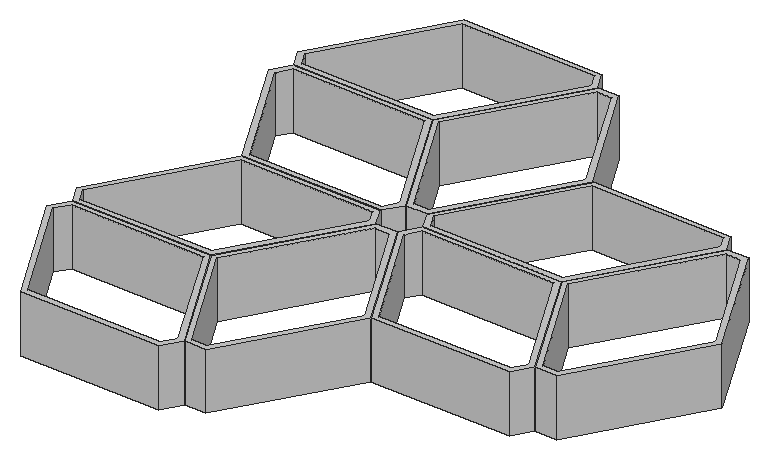
Revit family "CLD-CON-008_RTV", category Modelos genéricos, Revit 2022 (continued)
Forms (in)
  Extrusion 209, solid, not visible
    sketch origin (0, 48, 0) x (0, 1, 0) y (0, 0, 1)
      loop
        line (0.42221, 1.66259) -> (0.42231, 0.67354)
        arc (0.42231, 0.67354) -> (0.41009, 0.64403) -> (0.38057, 0.6318) r 0.04174
        line (0.38057, 0.6318) -> (-0.00639, 0.6318) -> (-0.00639, 0.59057) -> (0.8874, 0.59057) -> (0.8874, 0.6318) -> (0.49998, 0.6318)
        arc (0.49998, 0.6318) -> (0.47046, 0.64403) -> (0.45824, 0.67354) r 0.04174
        line (0.45824, 0.67354) -> (0.45834, 1.66259)
        arc (0.45834, 1.66259) -> (0.46543, 1.67969) -> (0.48252, 1.68677) r 0.02418
        line (0.48252, 1.68677) -> (0.52252, 1.68677)
        arc (0.52252, 1.68677) -> (0.55303, 1.69941) -> (0.56566, 1.72991) r 0.04314
        line (0.56566, 1.72991) -> (0.56566, 2.14095)
        arc (0.56566, 2.14095) -> (0.5626, 2.15637) -> (0.55386, 2.16944) r 0.04029
        line (0.55386, 2.16944) -> (0.47053, 2.25277)
        arc (0.47053, 2.25277) -> (0.44027, 2.2653) -> (0.41002, 2.25277) r 0.04279
        line (0.41002, 2.25277) -> (0.32669, 2.16944)
        arc (0.32669, 2.16944) -> (0.31795, 2.15637) -> (0.31489, 2.14095) r 0.04029
        line (0.31489, 2.14095) -> (0.31489, 1.72991)
        arc (0.31489, 1.72991) -> (0.32752, 1.69941) -> (0.35803, 1.68677) r 0.04314
        line (0.35803, 1.68677) -> (0.39803, 1.68677)
        arc (0.39803, 1.68677) -> (0.41512, 1.67969) -> (0.42221, 1.66259) r 0.02418
      loop
        arc (0.33294, 1.7291) -> (0.34005, 1.71194) -> (0.35722, 1.70483) r 0.02428
        line (0.35722, 1.70483) -> (0.39815, 1.70483)
        arc (0.39815, 1.70483) -> (0.42797, 1.69248) -> (0.44023, 1.66266) r 0.04217
        arc (0.44023, 1.66266) -> (0.45258, 1.69248) -> (0.4824, 1.70483) r 0.04217
        line (0.4824, 1.70483) -> (0.52333, 1.70483)
        arc (0.52333, 1.70483) -> (0.54049, 1.71194) -> (0.54761, 1.7291) r 0.02428
        line (0.54761, 1.7291) -> (0.54761, 2.15016) -> (0.45704, 2.24072)
        arc (0.45704, 2.24072) -> (0.44027, 2.24767) -> (0.42351, 2.24072) r 0.02371
        line (0.42351, 2.24072) -> (0.33294, 2.15016) -> (0.33294, 1.7291)
    from 0 to 96.9361
  Extrusion 210, solid, not visible
    sketch origin (0, 72, 0) x (0, 1, 0) y (0, 0, 1)
      loop
        line (0.42221, 1.66259) -> (0.42231, 0.67354)
        arc (0.42231, 0.67354) -> (0.41009, 0.64403) -> (0.38057, 0.6318) r 0.04174
        line (0.38057, 0.6318) -> (-0.00639, 0.6318) -> (-0.00639, 0.59057) -> (0.8874, 0.59057) -> (0.8874, 0.6318) -> (0.49998, 0.6318)
        arc (0.49998, 0.6318) -> (0.47046, 0.64403) -> (0.45824, 0.67354) r 0.04174
        line (0.45824, 0.67354) -> (0.45834, 1.66259)
        arc (0.45834, 1.66259) -> (0.46543, 1.67969) -> (0.48252, 1.68677) r 0.02418
        line (0.48252, 1.68677) -> (0.52252, 1.68677)
        arc (0.52252, 1.68677) -> (0.55303, 1.69941) -> (0.56566, 1.72991) r 0.04314
        line (0.56566, 1.72991) -> (0.56566, 2.14095)
        arc (0.56566, 2.14095) -> (0.5626, 2.15637) -> (0.55386, 2.16944) r 0.04029
        line (0.55386, 2.16944) -> (0.47053, 2.25277)
        arc (0.47053, 2.25277) -> (0.44027, 2.2653) -> (0.41002, 2.25277) r 0.04279
        line (0.41002, 2.25277) -> (0.32669, 2.16944)
        arc (0.32669, 2.16944) -> (0.31795, 2.15637) -> (0.31489, 2.14095) r 0.04029
        line (0.31489, 2.14095) -> (0.31489, 1.72991)
        arc (0.31489, 1.72991) -> (0.32752, 1.69941) -> (0.35803, 1.68677) r 0.04314
        line (0.35803, 1.68677) -> (0.39803, 1.68677)
        arc (0.39803, 1.68677) -> (0.41512, 1.67969) -> (0.42221, 1.66259) r 0.02418
      loop
        arc (0.33294, 1.7291) -> (0.34005, 1.71194) -> (0.35722, 1.70483) r 0.02428
        line (0.35722, 1.70483) -> (0.39815, 1.70483)
        arc (0.39815, 1.70483) -> (0.42797, 1.69248) -> (0.44023, 1.66266) r 0.04217
        arc (0.44023, 1.66266) -> (0.45258, 1.69248) -> (0.4824, 1.70483) r 0.04217
        line (0.4824, 1.70483) -> (0.52333, 1.70483)
        arc (0.52333, 1.70483) -> (0.54049, 1.71194) -> (0.54761, 1.7291) r 0.02428
        line (0.54761, 1.7291) -> (0.54761, 2.15016) -> (0.45704, 2.24072)
        arc (0.45704, 2.24072) -> (0.44027, 2.24767) -> (0.42351, 2.24072) r 0.02371
        line (0.42351, 2.24072) -> (0.33294, 2.15016) -> (0.33294, 1.7291)
    from 0 to 96.9361
  Extrusion 211, solid, not visible
    sketch origin (0, 96, 0) x (0, 1, 0) y (0, 0, 1)
      loop
        line (0.42221, 1.66259) -> (0.42231, 0.67354)
        arc (0.42231, 0.67354) -> (0.41009, 0.64403) -> (0.38057, 0.6318) r 0.04174
        line (0.38057, 0.6318) -> (-0.00639, 0.6318) -> (-0.00639, 0.59057) -> (0.8874, 0.59057) -> (0.8874, 0.6318) -> (0.49998, 0.6318)
        arc (0.49998, 0.6318) -> (0.47046, 0.64403) -> (0.45824, 0.67354) r 0.04174
        line (0.45824, 0.67354) -> (0.45834, 1.66259)
        arc (0.45834, 1.66259) -> (0.46543, 1.67969) -> (0.48252, 1.68677) r 0.02418
        line (0.48252, 1.68677) -> (0.52252, 1.68677)
        arc (0.52252, 1.68677) -> (0.55303, 1.69941) -> (0.56566, 1.72991) r 0.04314
        line (0.56566, 1.72991) -> (0.56566, 2.14095)
        arc (0.56566, 2.14095) -> (0.5626, 2.15637) -> (0.55386, 2.16944) r 0.04029
        line (0.55386, 2.16944) -> (0.47053, 2.25277)
        arc (0.47053, 2.25277) -> (0.44027, 2.2653) -> (0.41002, 2.25277) r 0.04279
        line (0.41002, 2.25277) -> (0.32669, 2.16944)
        arc (0.32669, 2.16944) -> (0.31795, 2.15637) -> (0.31489, 2.14095) r 0.04029
        line (0.31489, 2.14095) -> (0.31489, 1.72991)
        arc (0.31489, 1.72991) -> (0.32752, 1.69941) -> (0.35803, 1.68677) r 0.04314
        line (0.35803, 1.68677) -> (0.39803, 1.68677)
        arc (0.39803, 1.68677) -> (0.41512, 1.67969) -> (0.42221, 1.66259) r 0.02418
      loop
        arc (0.33294, 1.7291) -> (0.34005, 1.71194) -> (0.35722, 1.70483) r 0.02428
        line (0.35722, 1.70483) -> (0.39815, 1.70483)
        arc (0.39815, 1.70483) -> (0.42797, 1.69248) -> (0.44023, 1.66266) r 0.04217
        arc (0.44023, 1.66266) -> (0.45258, 1.69248) -> (0.4824, 1.70483) r 0.04217
        line (0.4824, 1.70483) -> (0.52333, 1.70483)
        arc (0.52333, 1.70483) -> (0.54049, 1.71194) -> (0.54761, 1.7291) r 0.02428
        line (0.54761, 1.7291) -> (0.54761, 2.15016) -> (0.45704, 2.24072)
        arc (0.45704, 2.24072) -> (0.44027, 2.24767) -> (0.42351, 2.24072) r 0.02371
        line (0.42351, 2.24072) -> (0.33294, 2.15016) -> (0.33294, 1.7291)
    from 0 to 96.9361
  Extrusion 212, solid, not visible
    sketch origin (48.02754, 154.90856, 0) x (1, 0, 0) y (0, 0, 1)
      loop
        line (0.42221, 1.66259) -> (0.42231, 0.67354)
        arc (0.42231, 0.67354) -> (0.41009, 0.64403) -> (0.38057, 0.6318) r 0.04174
        line (0.38057, 0.6318) -> (-0.00639, 0.6318) -> (-0.00639, 0.59057) -> (0.8874, 0.59057) -> (0.8874, 0.6318) -> (0.49998, 0.6318)
        arc (0.49998, 0.6318) -> (0.47046, 0.64403) -> (0.45824, 0.67354) r 0.04174
        line (0.45824, 0.67354) -> (0.45834, 1.66259)
        arc (0.45834, 1.66259) -> (0.46543, 1.67969) -> (0.48252, 1.68677) r 0.02418
        line (0.48252, 1.68677) -> (0.52252, 1.68677)
        arc (0.52252, 1.68677) -> (0.55303, 1.69941) -> (0.56566, 1.72991) r 0.04314
        line (0.56566, 1.72991) -> (0.56566, 2.14095)
        arc (0.56566, 2.14095) -> (0.5626, 2.15637) -> (0.55386, 2.16944) r 0.04029
        line (0.55386, 2.16944) -> (0.47053, 2.25277)
        arc (0.47053, 2.25277) -> (0.44027, 2.2653) -> (0.41002, 2.25277) r 0.04279
        line (0.41002, 2.25277) -> (0.32669, 2.16944)
        arc (0.32669, 2.16944) -> (0.31795, 2.15637) -> (0.31489, 2.14095) r 0.04029
        line (0.31489, 2.14095) -> (0.31489, 1.72991)
        arc (0.31489, 1.72991) -> (0.32752, 1.69941) -> (0.35803, 1.68677) r 0.04314
        line (0.35803, 1.68677) -> (0.39803, 1.68677)
        arc (0.39803, 1.68677) -> (0.41512, 1.67969) -> (0.42221, 1.66259) r 0.02418
      loop
        arc (0.33294, 1.7291) -> (0.34005, 1.71194) -> (0.35722, 1.70483) r 0.02428
        line (0.35722, 1.70483) -> (0.39815, 1.70483)
        arc (0.39815, 1.70483) -> (0.42797, 1.69248) -> (0.44023, 1.66266) r 0.04217
        arc (0.44023, 1.66266) -> (0.45258, 1.69248) -> (0.4824, 1.70483) r 0.04217
        line (0.4824, 1.70483) -> (0.52333, 1.70483)
        arc (0.52333, 1.70483) -> (0.54049, 1.71194) -> (0.54761, 1.7291) r 0.02428
        line (0.54761, 1.7291) -> (0.54761, 2.15016) -> (0.45704, 2.24072)
        arc (0.45704, 2.24072) -> (0.44027, 2.24767) -> (0.42351, 2.24072) r 0.02371
        line (0.42351, 2.24072) -> (0.33294, 2.15016) -> (0.33294, 1.7291)
    from 58.93614 to 81.99864
  Extrusion 213, solid, not visible
    sketch origin (72.02767, 154.90856, 0) x (1, 0, 0) y (0, 0, 1)
      loop
        line (0.42221, 1.66259) -> (0.42231, 0.67354)
        arc (0.42231, 0.67354) -> (0.41009, 0.64403) -> (0.38057, 0.6318) r 0.04174
        line (0.38057, 0.6318) -> (-0.00639, 0.6318) -> (-0.00639, 0.59057) -> (0.8874, 0.59057) -> (0.8874, 0.6318) -> (0.49998, 0.6318)
        arc (0.49998, 0.6318) -> (0.47046, 0.64403) -> (0.45824, 0.67354) r 0.04174
        line (0.45824, 0.67354) -> (0.45834, 1.66259)
        arc (0.45834, 1.66259) -> (0.46543, 1.67969) -> (0.48252, 1.68677) r 0.02418
        line (0.48252, 1.68677) -> (0.52252, 1.68677)
        arc (0.52252, 1.68677) -> (0.55303, 1.69941) -> (0.56566, 1.72991) r 0.04314
        line (0.56566, 1.72991) -> (0.56566, 2.14095)
        arc (0.56566, 2.14095) -> (0.5626, 2.15637) -> (0.55386, 2.16944) r 0.04029
        line (0.55386, 2.16944) -> (0.47053, 2.25277)
        arc (0.47053, 2.25277) -> (0.44027, 2.2653) -> (0.41002, 2.25277) r 0.04279
        line (0.41002, 2.25277) -> (0.32669, 2.16944)
        arc (0.32669, 2.16944) -> (0.31795, 2.15637) -> (0.31489, 2.14095) r 0.04029
        line (0.31489, 2.14095) -> (0.31489, 1.72991)
        arc (0.31489, 1.72991) -> (0.32752, 1.69941) -> (0.35803, 1.68677) r 0.04314
        line (0.35803, 1.68677) -> (0.39803, 1.68677)
        arc (0.39803, 1.68677) -> (0.41512, 1.67969) -> (0.42221, 1.66259) r 0.02418
      loop
        arc (0.33294, 1.7291) -> (0.34005, 1.71194) -> (0.35722, 1.70483) r 0.02428
        line (0.35722, 1.70483) -> (0.39815, 1.70483)
        arc (0.39815, 1.70483) -> (0.42797, 1.69248) -> (0.44023, 1.66266) r 0.04217
        arc (0.44023, 1.66266) -> (0.45258, 1.69248) -> (0.4824, 1.70483) r 0.04217
        line (0.4824, 1.70483) -> (0.52333, 1.70483)
        arc (0.52333, 1.70483) -> (0.54049, 1.71194) -> (0.54761, 1.7291) r 0.02428
        line (0.54761, 1.7291) -> (0.54761, 2.15016) -> (0.45704, 2.24072)
        arc (0.45704, 2.24072) -> (0.44027, 2.24767) -> (0.42351, 2.24072) r 0.02371
        line (0.42351, 2.24072) -> (0.33294, 2.15016) -> (0.33294, 1.7291)
    from 58.93614 to 81.99864
  Extrusion 214, solid, not visible
    sketch origin (96.02767, 154.90856, 0) x (1, 0, 0) y (0, 0, 1)
      loop
        line (0.42221, 1.66259) -> (0.42231, 0.67354)
        arc (0.42231, 0.67354) -> (0.41009, 0.64403) -> (0.38057, 0.6318) r 0.04174
        line (0.38057, 0.6318) -> (-0.00639, 0.6318) -> (-0.00639, 0.59057) -> (0.8874, 0.59057) -> (0.8874, 0.6318) -> (0.49998, 0.6318)
        arc (0.49998, 0.6318) -> (0.47046, 0.64403) -> (0.45824, 0.67354) r 0.04174
        line (0.45824, 0.67354) -> (0.45834, 1.66259)
        arc (0.45834, 1.66259) -> (0.46543, 1.67969) -> (0.48252, 1.68677) r 0.02418
        line (0.48252, 1.68677) -> (0.52252, 1.68677)
        arc (0.52252, 1.68677) -> (0.55303, 1.69941) -> (0.56566, 1.72991) r 0.04314
        line (0.56566, 1.72991) -> (0.56566, 2.14095)
        arc (0.56566, 2.14095) -> (0.5626, 2.15637) -> (0.55386, 2.16944) r 0.04029
        line (0.55386, 2.16944) -> (0.47053, 2.25277)
        arc (0.47053, 2.25277) -> (0.44027, 2.2653) -> (0.41002, 2.25277) r 0.04279
        line (0.41002, 2.25277) -> (0.32669, 2.16944)
        arc (0.32669, 2.16944) -> (0.31795, 2.15637) -> (0.31489, 2.14095) r 0.04029
        line (0.31489, 2.14095) -> (0.31489, 1.72991)
        arc (0.31489, 1.72991) -> (0.32752, 1.69941) -> (0.35803, 1.68677) r 0.04314
        line (0.35803, 1.68677) -> (0.39803, 1.68677)
        arc (0.39803, 1.68677) -> (0.41512, 1.67969) -> (0.42221, 1.66259) r 0.02418
      loop
        arc (0.33294, 1.7291) -> (0.34005, 1.71194) -> (0.35722, 1.70483) r 0.02428
        line (0.35722, 1.70483) -> (0.39815, 1.70483)
        arc (0.39815, 1.70483) -> (0.42797, 1.69248) -> (0.44023, 1.66266) r 0.04217
        arc (0.44023, 1.66266) -> (0.45258, 1.69248) -> (0.4824, 1.70483) r 0.04217
        line (0.4824, 1.70483) -> (0.52333, 1.70483)
        arc (0.52333, 1.70483) -> (0.54049, 1.71194) -> (0.54761, 1.7291) r 0.02428
        line (0.54761, 1.7291) -> (0.54761, 2.15016) -> (0.45704, 2.24072)
        arc (0.45704, 2.24072) -> (0.44027, 2.24767) -> (0.42351, 2.24072) r 0.02371
        line (0.42351, 2.24072) -> (0.33294, 2.15016) -> (0.33294, 1.7291)
    from 58.93614 to 81.99864
  Extrusion 215, solid, not visible
    sketch origin (24.02767, 154.90856, 0) x (1, 0, 0) y (0, 0, 1)
      loop
        line (0.42221, 1.66259) -> (0.42231, 0.67354)
        arc (0.42231, 0.67354) -> (0.41009, 0.64403) -> (0.38057, 0.6318) r 0.04174
        line (0.38057, 0.6318) -> (-0.00639, 0.6318) -> (-0.00639, 0.59057) -> (0.8874, 0.59057) -> (0.8874, 0.6318) -> (0.49998, 0.6318)
        arc (0.49998, 0.6318) -> (0.47046, 0.64403) -> (0.45824, 0.67354) r 0.04174
        line (0.45824, 0.67354) -> (0.45834, 1.66259)
        arc (0.45834, 1.66259) -> (0.46543, 1.67969) -> (0.48252, 1.68677) r 0.02418
        line (0.48252, 1.68677) -> (0.52252, 1.68677)
        arc (0.52252, 1.68677) -> (0.55303, 1.69941) -> (0.56566, 1.72991) r 0.04314
        line (0.56566, 1.72991) -> (0.56566, 2.14095)
        arc (0.56566, 2.14095) -> (0.5626, 2.15637) -> (0.55386, 2.16944) r 0.04029
        line (0.55386, 2.16944) -> (0.47053, 2.25277)
        arc (0.47053, 2.25277) -> (0.44027, 2.2653) -> (0.41002, 2.25277) r 0.04279
        line (0.41002, 2.25277) -> (0.32669, 2.16944)
        arc (0.32669, 2.16944) -> (0.31795, 2.15637) -> (0.31489, 2.14095) r 0.04029
        line (0.31489, 2.14095) -> (0.31489, 1.72991)
        arc (0.31489, 1.72991) -> (0.32752, 1.69941) -> (0.35803, 1.68677) r 0.04314
        line (0.35803, 1.68677) -> (0.39803, 1.68677)
        arc (0.39803, 1.68677) -> (0.41512, 1.67969) -> (0.42221, 1.66259) r 0.02418
      loop
        arc (0.33294, 1.7291) -> (0.34005, 1.71194) -> (0.35722, 1.70483) r 0.02428
        line (0.35722, 1.70483) -> (0.39815, 1.70483)
        arc (0.39815, 1.70483) -> (0.42797, 1.69248) -> (0.44023, 1.66266) r 0.04217
        arc (0.44023, 1.66266) -> (0.45258, 1.69248) -> (0.4824, 1.70483) r 0.04217
        line (0.4824, 1.70483) -> (0.52333, 1.70483)
        arc (0.52333, 1.70483) -> (0.54049, 1.71194) -> (0.54761, 1.7291) r 0.02428
        line (0.54761, 1.7291) -> (0.54761, 2.15016) -> (0.45704, 2.24072)
        arc (0.45704, 2.24072) -> (0.44027, 2.24767) -> (0.42351, 2.24072) r 0.02371
        line (0.42351, 2.24072) -> (0.33294, 2.15016) -> (0.33294, 1.7291)
    from 58.93614 to 81.99864
  Extrusion 216, solid, not visible
    sketch origin (0.02767, 154.90856, 0) x (1, 0, 0) y (0, 0, 1)
      loop
        line (0.42221, 1.66259) -> (0.42231, 0.67354)
        arc (0.42231, 0.67354) -> (0.41009, 0.64403) -> (0.38057, 0.6318) r 0.04174
        line (0.38057, 0.6318) -> (-0.00639, 0.6318) -> (-0.00639, 0.59057) -> (0.8874, 0.59057) -> (0.8874, 0.6318) -> (0.49998, 0.6318)
        arc (0.49998, 0.6318) -> (0.47046, 0.64403) -> (0.45824, 0.67354) r 0.04174
        line (0.45824, 0.67354) -> (0.45834, 1.66259)
        arc (0.45834, 1.66259) -> (0.46543, 1.67969) -> (0.48252, 1.68677) r 0.02418
        line (0.48252, 1.68677) -> (0.52252, 1.68677)
        arc (0.52252, 1.68677) -> (0.55303, 1.69941) -> (0.56566, 1.72991) r 0.04314
        line (0.56566, 1.72991) -> (0.56566, 2.14095)
        arc (0.56566, 2.14095) -> (0.5626, 2.15637) -> (0.55386, 2.16944) r 0.04029
        line (0.55386, 2.16944) -> (0.47053, 2.25277)
        arc (0.47053, 2.25277) -> (0.44027, 2.2653) -> (0.41002, 2.25277) r 0.04279
        line (0.41002, 2.25277) -> (0.32669, 2.16944)
        arc (0.32669, 2.16944) -> (0.31795, 2.15637) -> (0.31489, 2.14095) r 0.04029
        line (0.31489, 2.14095) -> (0.31489, 1.72991)
        arc (0.31489, 1.72991) -> (0.32752, 1.69941) -> (0.35803, 1.68677) r 0.04314
        line (0.35803, 1.68677) -> (0.39803, 1.68677)
        arc (0.39803, 1.68677) -> (0.41512, 1.67969) -> (0.42221, 1.66259) r 0.02418
      loop
        arc (0.33294, 1.7291) -> (0.34005, 1.71194) -> (0.35722, 1.70483) r 0.02428
        line (0.35722, 1.70483) -> (0.39815, 1.70483)
        arc (0.39815, 1.70483) -> (0.42797, 1.69248) -> (0.44023, 1.66266) r 0.04217
        arc (0.44023, 1.66266) -> (0.45258, 1.69248) -> (0.4824, 1.70483) r 0.04217
        line (0.4824, 1.70483) -> (0.52333, 1.70483)
        arc (0.52333, 1.70483) -> (0.54049, 1.71194) -> (0.54761, 1.7291) r 0.02428
        line (0.54761, 1.7291) -> (0.54761, 2.15016) -> (0.45704, 2.24072)
        arc (0.45704, 2.24072) -> (0.44027, 2.24767) -> (0.42351, 2.24072) r 0.02371
        line (0.42351, 2.24072) -> (0.33294, 2.15016) -> (0.33294, 1.7291)
    from 58.93614 to 81.99864
  Extrusion 217, solid, not visible
    sketch origin (48.02754, 130.90855, 0) x (1, 0, 0) y (0, 0, 1)
      loop
        line (0.42221, 1.66259) -> (0.42231, 0.67354)
        arc (0.42231, 0.67354) -> (0.41009, 0.64403) -> (0.38057, 0.6318) r 0.04174
        line (0.38057, 0.6318) -> (-0.00639, 0.6318) -> (-0.00639, 0.59057) -> (0.8874, 0.59057) -> (0.8874, 0.6318) -> (0.49998, 0.6318)
        arc (0.49998, 0.6318) -> (0.47046, 0.64403) -> (0.45824, 0.67354) r 0.04174
        line (0.45824, 0.67354) -> (0.45834, 1.66259)
        arc (0.45834, 1.66259) -> (0.46543, 1.67969) -> (0.48252, 1.68677) r 0.02418
        line (0.48252, 1.68677) -> (0.52252, 1.68677)
        arc (0.52252, 1.68677) -> (0.55303, 1.69941) -> (0.56566, 1.72991) r 0.04314
        line (0.56566, 1.72991) -> (0.56566, 2.14095)
        arc (0.56566, 2.14095) -> (0.5626, 2.15637) -> (0.55386, 2.16944) r 0.04029
        line (0.55386, 2.16944) -> (0.47053, 2.25277)
        arc (0.47053, 2.25277) -> (0.44027, 2.2653) -> (0.41002, 2.25277) r 0.04279
        line (0.41002, 2.25277) -> (0.32669, 2.16944)
        arc (0.32669, 2.16944) -> (0.31795, 2.15637) -> (0.31489, 2.14095) r 0.04029
        line (0.31489, 2.14095) -> (0.31489, 1.72991)
        arc (0.31489, 1.72991) -> (0.32752, 1.69941) -> (0.35803, 1.68677) r 0.04314
        line (0.35803, 1.68677) -> (0.39803, 1.68677)
        arc (0.39803, 1.68677) -> (0.41512, 1.67969) -> (0.42221, 1.66259) r 0.02418
      loop
        arc (0.33294, 1.7291) -> (0.34005, 1.71194) -> (0.35722, 1.70483) r 0.02428
        line (0.35722, 1.70483) -> (0.39815, 1.70483)
        arc (0.39815, 1.70483) -> (0.42797, 1.69248) -> (0.44023, 1.66266) r 0.04217
        arc (0.44023, 1.66266) -> (0.45258, 1.69248) -> (0.4824, 1.70483) r 0.04217
        line (0.4824, 1.70483) -> (0.52333, 1.70483)
        arc (0.52333, 1.70483) -> (0.54049, 1.71194) -> (0.54761, 1.7291) r 0.02428
        line (0.54761, 1.7291) -> (0.54761, 2.15016) -> (0.45704, 2.24072)
        arc (0.45704, 2.24072) -> (0.44027, 2.24767) -> (0.42351, 2.24072) r 0.02371
        line (0.42351, 2.24072) -> (0.33294, 2.15016) -> (0.33294, 1.7291)
    from 58.93614 to 81.99864
  Extrusion 218, solid, not visible
    sketch origin (72.02767, 130.90855, 0) x (1, 0, 0) y (0, 0, 1)
      loop
        line (0.42221, 1.66259) -> (0.42231, 0.67354)
        arc (0.42231, 0.67354) -> (0.41009, 0.64403) -> (0.38057, 0.6318) r 0.04174
        line (0.38057, 0.6318) -> (-0.00639, 0.6318) -> (-0.00639, 0.59057) -> (0.8874, 0.59057) -> (0.8874, 0.6318) -> (0.49998, 0.6318)
        arc (0.49998, 0.6318) -> (0.47046, 0.64403) -> (0.45824, 0.67354) r 0.04174
        line (0.45824, 0.67354) -> (0.45834, 1.66259)
        arc (0.45834, 1.66259) -> (0.46543, 1.67969) -> (0.48252, 1.68677) r 0.02418
        line (0.48252, 1.68677) -> (0.52252, 1.68677)
        arc (0.52252, 1.68677) -> (0.55303, 1.69941) -> (0.56566, 1.72991) r 0.04314
        line (0.56566, 1.72991) -> (0.56566, 2.14095)
        arc (0.56566, 2.14095) -> (0.5626, 2.15637) -> (0.55386, 2.16944) r 0.04029
        line (0.55386, 2.16944) -> (0.47053, 2.25277)
        arc (0.47053, 2.25277) -> (0.44027, 2.2653) -> (0.41002, 2.25277) r 0.04279
        line (0.41002, 2.25277) -> (0.32669, 2.16944)
        arc (0.32669, 2.16944) -> (0.31795, 2.15637) -> (0.31489, 2.14095) r 0.04029
        line (0.31489, 2.14095) -> (0.31489, 1.72991)
        arc (0.31489, 1.72991) -> (0.32752, 1.69941) -> (0.35803, 1.68677) r 0.04314
        line (0.35803, 1.68677) -> (0.39803, 1.68677)
        arc (0.39803, 1.68677) -> (0.41512, 1.67969) -> (0.42221, 1.66259) r 0.02418
      loop
        arc (0.33294, 1.7291) -> (0.34005, 1.71194) -> (0.35722, 1.70483) r 0.02428
        line (0.35722, 1.70483) -> (0.39815, 1.70483)
        arc (0.39815, 1.70483) -> (0.42797, 1.69248) -> (0.44023, 1.66266) r 0.04217
        arc (0.44023, 1.66266) -> (0.45258, 1.69248) -> (0.4824, 1.70483) r 0.04217
        line (0.4824, 1.70483) -> (0.52333, 1.70483)
        arc (0.52333, 1.70483) -> (0.54049, 1.71194) -> (0.54761, 1.7291) r 0.02428
        line (0.54761, 1.7291) -> (0.54761, 2.15016) -> (0.45704, 2.24072)
        arc (0.45704, 2.24072) -> (0.44027, 2.24767) -> (0.42351, 2.24072) r 0.02371
        line (0.42351, 2.24072) -> (0.33294, 2.15016) -> (0.33294, 1.7291)
    from 58.93614 to 81.99864
  Extrusion 219, solid, not visible
    sketch origin (96.02767, 130.90855, 0) x (1, 0, 0) y (0, 0, 1)
      loop
        line (0.42221, 1.66259) -> (0.42231, 0.67354)
        arc (0.42231, 0.67354) -> (0.41009, 0.64403) -> (0.38057, 0.6318) r 0.04174
        line (0.38057, 0.6318) -> (-0.00639, 0.6318) -> (-0.00639, 0.59057) -> (0.8874, 0.59057) -> (0.8874, 0.6318) -> (0.49998, 0.6318)
        arc (0.49998, 0.6318) -> (0.47046, 0.64403) -> (0.45824, 0.67354) r 0.04174
        line (0.45824, 0.67354) -> (0.45834, 1.66259)
        arc (0.45834, 1.66259) -> (0.46543, 1.67969) -> (0.48252, 1.68677) r 0.02418
        line (0.48252, 1.68677) -> (0.52252, 1.68677)
        arc (0.52252, 1.68677) -> (0.55303, 1.69941) -> (0.56566, 1.72991) r 0.04314
        line (0.56566, 1.72991) -> (0.56566, 2.14095)
        arc (0.56566, 2.14095) -> (0.5626, 2.15637) -> (0.55386, 2.16944) r 0.04029
        line (0.55386, 2.16944) -> (0.47053, 2.25277)
        arc (0.47053, 2.25277) -> (0.44027, 2.2653) -> (0.41002, 2.25277) r 0.04279
        line (0.41002, 2.25277) -> (0.32669, 2.16944)
        arc (0.32669, 2.16944) -> (0.31795, 2.15637) -> (0.31489, 2.14095) r 0.04029
        line (0.31489, 2.14095) -> (0.31489, 1.72991)
        arc (0.31489, 1.72991) -> (0.32752, 1.69941) -> (0.35803, 1.68677) r 0.04314
        line (0.35803, 1.68677) -> (0.39803, 1.68677)
        arc (0.39803, 1.68677) -> (0.41512, 1.67969) -> (0.42221, 1.66259) r 0.02418
      loop
        arc (0.33294, 1.7291) -> (0.34005, 1.71194) -> (0.35722, 1.70483) r 0.02428
        line (0.35722, 1.70483) -> (0.39815, 1.70483)
        arc (0.39815, 1.70483) -> (0.42797, 1.69248) -> (0.44023, 1.66266) r 0.04217
        arc (0.44023, 1.66266) -> (0.45258, 1.69248) -> (0.4824, 1.70483) r 0.04217
        line (0.4824, 1.70483) -> (0.52333, 1.70483)
        arc (0.52333, 1.70483) -> (0.54049, 1.71194) -> (0.54761, 1.7291) r 0.02428
        line (0.54761, 1.7291) -> (0.54761, 2.15016) -> (0.45704, 2.24072)
        arc (0.45704, 2.24072) -> (0.44027, 2.24767) -> (0.42351, 2.24072) r 0.02371
        line (0.42351, 2.24072) -> (0.33294, 2.15016) -> (0.33294, 1.7291)
    from 58.93614 to 81.99864
  Extrusion 220, solid, not visible
    sketch origin (24.02767, 130.90855, 0) x (1, 0, 0) y (0, 0, 1)
      loop
        line (0.42221, 1.66259) -> (0.42231, 0.67354)
        arc (0.42231, 0.67354) -> (0.41009, 0.64403) -> (0.38057, 0.6318) r 0.04174
        line (0.38057, 0.6318) -> (-0.00639, 0.6318) -> (-0.00639, 0.59057) -> (0.8874, 0.59057) -> (0.8874, 0.6318) -> (0.49998, 0.6318)
        arc (0.49998, 0.6318) -> (0.47046, 0.64403) -> (0.45824, 0.67354) r 0.04174
        line (0.45824, 0.67354) -> (0.45834, 1.66259)
        arc (0.45834, 1.66259) -> (0.46543, 1.67969) -> (0.48252, 1.68677) r 0.02418
        line (0.48252, 1.68677) -> (0.52252, 1.68677)
        arc (0.52252, 1.68677) -> (0.55303, 1.69941) -> (0.56566, 1.72991) r 0.04314
        line (0.56566, 1.72991) -> (0.56566, 2.14095)
        arc (0.56566, 2.14095) -> (0.5626, 2.15637) -> (0.55386, 2.16944) r 0.04029
        line (0.55386, 2.16944) -> (0.47053, 2.25277)
        arc (0.47053, 2.25277) -> (0.44027, 2.2653) -> (0.41002, 2.25277) r 0.04279
        line (0.41002, 2.25277) -> (0.32669, 2.16944)
        arc (0.32669, 2.16944) -> (0.31795, 2.15637) -> (0.31489, 2.14095) r 0.04029
        line (0.31489, 2.14095) -> (0.31489, 1.72991)
        arc (0.31489, 1.72991) -> (0.32752, 1.69941) -> (0.35803, 1.68677) r 0.04314
        line (0.35803, 1.68677) -> (0.39803, 1.68677)
        arc (0.39803, 1.68677) -> (0.41512, 1.67969) -> (0.42221, 1.66259) r 0.02418
      loop
        arc (0.33294, 1.7291) -> (0.34005, 1.71194) -> (0.35722, 1.70483) r 0.02428
        line (0.35722, 1.70483) -> (0.39815, 1.70483)
        arc (0.39815, 1.70483) -> (0.42797, 1.69248) -> (0.44023, 1.66266) r 0.04217
        arc (0.44023, 1.66266) -> (0.45258, 1.69248) -> (0.4824, 1.70483) r 0.04217
        line (0.4824, 1.70483) -> (0.52333, 1.70483)
        arc (0.52333, 1.70483) -> (0.54049, 1.71194) -> (0.54761, 1.7291) r 0.02428
        line (0.54761, 1.7291) -> (0.54761, 2.15016) -> (0.45704, 2.24072)
        arc (0.45704, 2.24072) -> (0.44027, 2.24767) -> (0.42351, 2.24072) r 0.02371
        line (0.42351, 2.24072) -> (0.33294, 2.15016) -> (0.33294, 1.7291)
    from 58.93614 to 81.99864
  Extrusion 221, solid, not visible
    sketch origin (0.02767, 130.90855, 0) x (1, 0, 0) y (0, 0, 1)
      loop
        line (0.42221, 1.66259) -> (0.42231, 0.67354)
        arc (0.42231, 0.67354) -> (0.41009, 0.64403) -> (0.38057, 0.6318) r 0.04174
        line (0.38057, 0.6318) -> (-0.00639, 0.6318) -> (-0.00639, 0.59057) -> (0.8874, 0.59057) -> (0.8874, 0.6318) -> (0.49998, 0.6318)
        arc (0.49998, 0.6318) -> (0.47046, 0.64403) -> (0.45824, 0.67354) r 0.04174
        line (0.45824, 0.67354) -> (0.45834, 1.66259)
        arc (0.45834, 1.66259) -> (0.46543, 1.67969) -> (0.48252, 1.68677) r 0.02418
        line (0.48252, 1.68677) -> (0.52252, 1.68677)
        arc (0.52252, 1.68677) -> (0.55303, 1.69941) -> (0.56566, 1.72991) r 0.04314
        line (0.56566, 1.72991) -> (0.56566, 2.14095)
        arc (0.56566, 2.14095) -> (0.5626, 2.15637) -> (0.55386, 2.16944) r 0.04029
        line (0.55386, 2.16944) -> (0.47053, 2.25277)
        arc (0.47053, 2.25277) -> (0.44027, 2.2653) -> (0.41002, 2.25277) r 0.04279
        line (0.41002, 2.25277) -> (0.32669, 2.16944)
        arc (0.32669, 2.16944) -> (0.31795, 2.15637) -> (0.31489, 2.14095) r 0.04029
        line (0.31489, 2.14095) -> (0.31489, 1.72991)
        arc (0.31489, 1.72991) -> (0.32752, 1.69941) -> (0.35803, 1.68677) r 0.04314
        line (0.35803, 1.68677) -> (0.39803, 1.68677)
        arc (0.39803, 1.68677) -> (0.41512, 1.67969) -> (0.42221, 1.66259) r 0.02418
      loop
        arc (0.33294, 1.7291) -> (0.34005, 1.71194) -> (0.35722, 1.70483) r 0.02428
        line (0.35722, 1.70483) -> (0.39815, 1.70483)
        arc (0.39815, 1.70483) -> (0.42797, 1.69248) -> (0.44023, 1.66266) r 0.04217
        arc (0.44023, 1.66266) -> (0.45258, 1.69248) -> (0.4824, 1.70483) r 0.04217
        line (0.4824, 1.70483) -> (0.52333, 1.70483)
        arc (0.52333, 1.70483) -> (0.54049, 1.71194) -> (0.54761, 1.7291) r 0.02428
        line (0.54761, 1.7291) -> (0.54761, 2.15016) -> (0.45704, 2.24072)
        arc (0.45704, 2.24072) -> (0.44027, 2.24767) -> (0.42351, 2.24072) r 0.02371
        line (0.42351, 2.24072) -> (0.33294, 2.15016) -> (0.33294, 1.7291)
    from 58.93614 to 81.99864
  Extrusion 222, solid, not visible
    sketch origin (48.02754, 106.90856, 0) x (1, 0, 0) y (0, 0, 1)
      loop
        line (0.42221, 1.66259) -> (0.42231, 0.67354)
        arc (0.42231, 0.67354) -> (0.41009, 0.64403) -> (0.38057, 0.6318) r 0.04174
        line (0.38057, 0.6318) -> (-0.00639, 0.6318) -> (-0.00639, 0.59057) -> (0.8874, 0.59057) -> (0.8874, 0.6318) -> (0.49998, 0.6318)
        arc (0.49998, 0.6318) -> (0.47046, 0.64403) -> (0.45824, 0.67354) r 0.04174
        line (0.45824, 0.67354) -> (0.45834, 1.66259)
        arc (0.45834, 1.66259) -> (0.46543, 1.67969) -> (0.48252, 1.68677) r 0.02418
        line (0.48252, 1.68677) -> (0.52252, 1.68677)
        arc (0.52252, 1.68677) -> (0.55303, 1.69941) -> (0.56566, 1.72991) r 0.04314
        line (0.56566, 1.72991) -> (0.56566, 2.14095)
        arc (0.56566, 2.14095) -> (0.5626, 2.15637) -> (0.55386, 2.16944) r 0.04029
        line (0.55386, 2.16944) -> (0.47053, 2.25277)
        arc (0.47053, 2.25277) -> (0.44027, 2.2653) -> (0.41002, 2.25277) r 0.04279
        line (0.41002, 2.25277) -> (0.32669, 2.16944)
        arc (0.32669, 2.16944) -> (0.31795, 2.15637) -> (0.31489, 2.14095) r 0.04029
        line (0.31489, 2.14095) -> (0.31489, 1.72991)
        arc (0.31489, 1.72991) -> (0.32752, 1.69941) -> (0.35803, 1.68677) r 0.04314
        line (0.35803, 1.68677) -> (0.39803, 1.68677)
        arc (0.39803, 1.68677) -> (0.41512, 1.67969) -> (0.42221, 1.66259) r 0.02418
      loop
        arc (0.33294, 1.7291) -> (0.34005, 1.71194) -> (0.35722, 1.70483) r 0.02428
        line (0.35722, 1.70483) -> (0.39815, 1.70483)
        arc (0.39815, 1.70483) -> (0.42797, 1.69248) -> (0.44023, 1.66266) r 0.04217
        arc (0.44023, 1.66266) -> (0.45258, 1.69248) -> (0.4824, 1.70483) r 0.04217
        line (0.4824, 1.70483) -> (0.52333, 1.70483)
        arc (0.52333, 1.70483) -> (0.54049, 1.71194) -> (0.54761, 1.7291) r 0.02428
        line (0.54761, 1.7291) -> (0.54761, 2.15016) -> (0.45704, 2.24072)
        arc (0.45704, 2.24072) -> (0.44027, 2.24767) -> (0.42351, 2.24072) r 0.02371
        line (0.42351, 2.24072) -> (0.33294, 2.15016) -> (0.33294, 1.7291)
    from 58.93614 to 81.99864
  Extrusion 223, solid, not visible
    sketch origin (72.02767, 106.90856, 0) x (1, 0, 0) y (0, 0, 1)
      loop
        line (0.42221, 1.66259) -> (0.42231, 0.67354)
        arc (0.42231, 0.67354) -> (0.41009, 0.64403) -> (0.38057, 0.6318) r 0.04174
        line (0.38057, 0.6318) -> (-0.00639, 0.6318) -> (-0.00639, 0.59057) -> (0.8874, 0.59057) -> (0.8874, 0.6318) -> (0.49998, 0.6318)
        arc (0.49998, 0.6318) -> (0.47046, 0.64403) -> (0.45824, 0.67354) r 0.04174
        line (0.45824, 0.67354) -> (0.45834, 1.66259)
        arc (0.45834, 1.66259) -> (0.46543, 1.67969) -> (0.48252, 1.68677) r 0.02418
        line (0.48252, 1.68677) -> (0.52252, 1.68677)
        arc (0.52252, 1.68677) -> (0.55303, 1.69941) -> (0.56566, 1.72991) r 0.04314
        line (0.56566, 1.72991) -> (0.56566, 2.14095)
        arc (0.56566, 2.14095) -> (0.5626, 2.15637) -> (0.55386, 2.16944) r 0.04029
        line (0.55386, 2.16944) -> (0.47053, 2.25277)
        arc (0.47053, 2.25277) -> (0.44027, 2.2653) -> (0.41002, 2.25277) r 0.04279
        line (0.41002, 2.25277) -> (0.32669, 2.16944)
        arc (0.32669, 2.16944) -> (0.31795, 2.15637) -> (0.31489, 2.14095) r 0.04029
        line (0.31489, 2.14095) -> (0.31489, 1.72991)
        arc (0.31489, 1.72991) -> (0.32752, 1.69941) -> (0.35803, 1.68677) r 0.04314
        line (0.35803, 1.68677) -> (0.39803, 1.68677)
        arc (0.39803, 1.68677) -> (0.41512, 1.67969) -> (0.42221, 1.66259) r 0.02418
      loop
        arc (0.33294, 1.7291) -> (0.34005, 1.71194) -> (0.35722, 1.70483) r 0.02428
        line (0.35722, 1.70483) -> (0.39815, 1.70483)
        arc (0.39815, 1.70483) -> (0.42797, 1.69248) -> (0.44023, 1.66266) r 0.04217
        arc (0.44023, 1.66266) -> (0.45258, 1.69248) -> (0.4824, 1.70483) r 0.04217
        line (0.4824, 1.70483) -> (0.52333, 1.70483)
        arc (0.52333, 1.70483) -> (0.54049, 1.71194) -> (0.54761, 1.7291) r 0.02428
        line (0.54761, 1.7291) -> (0.54761, 2.15016) -> (0.45704, 2.24072)
        arc (0.45704, 2.24072) -> (0.44027, 2.24767) -> (0.42351, 2.24072) r 0.02371
        line (0.42351, 2.24072) -> (0.33294, 2.15016) -> (0.33294, 1.7291)
    from 58.93614 to 81.99864
  Extrusion 224, solid, not visible
    sketch origin (96.02767, 106.90856, 0) x (1, 0, 0) y (0, 0, 1)
      loop
        line (0.42221, 1.66259) -> (0.42231, 0.67354)
        arc (0.42231, 0.67354) -> (0.41009, 0.64403) -> (0.38057, 0.6318) r 0.04174
        line (0.38057, 0.6318) -> (-0.00639, 0.6318) -> (-0.00639, 0.59057) -> (0.8874, 0.59057) -> (0.8874, 0.6318) -> (0.49998, 0.6318)
        arc (0.49998, 0.6318) -> (0.47046, 0.64403) -> (0.45824, 0.67354) r 0.04174
        line (0.45824, 0.67354) -> (0.45834, 1.66259)
        arc (0.45834, 1.66259) -> (0.46543, 1.67969) -> (0.48252, 1.68677) r 0.02418
        line (0.48252, 1.68677) -> (0.52252, 1.68677)
        arc (0.52252, 1.68677) -> (0.55303, 1.69941) -> (0.56566, 1.72991) r 0.04314
        line (0.56566, 1.72991) -> (0.56566, 2.14095)
        arc (0.56566, 2.14095) -> (0.5626, 2.15637) -> (0.55386, 2.16944) r 0.04029
        line (0.55386, 2.16944) -> (0.47053, 2.25277)
        arc (0.47053, 2.25277) -> (0.44027, 2.2653) -> (0.41002, 2.25277) r 0.04279
        line (0.41002, 2.25277) -> (0.32669, 2.16944)
        arc (0.32669, 2.16944) -> (0.31795, 2.15637) -> (0.31489, 2.14095) r 0.04029
        line (0.31489, 2.14095) -> (0.31489, 1.72991)
        arc (0.31489, 1.72991) -> (0.32752, 1.69941) -> (0.35803, 1.68677) r 0.04314
        line (0.35803, 1.68677) -> (0.39803, 1.68677)
        arc (0.39803, 1.68677) -> (0.41512, 1.67969) -> (0.42221, 1.66259) r 0.02418
      loop
        arc (0.33294, 1.7291) -> (0.34005, 1.71194) -> (0.35722, 1.70483) r 0.02428
        line (0.35722, 1.70483) -> (0.39815, 1.70483)
        arc (0.39815, 1.70483) -> (0.42797, 1.69248) -> (0.44023, 1.66266) r 0.04217
        arc (0.44023, 1.66266) -> (0.45258, 1.69248) -> (0.4824, 1.70483) r 0.04217
        line (0.4824, 1.70483) -> (0.52333, 1.70483)
        arc (0.52333, 1.70483) -> (0.54049, 1.71194) -> (0.54761, 1.7291) r 0.02428
        line (0.54761, 1.7291) -> (0.54761, 2.15016) -> (0.45704, 2.24072)
        arc (0.45704, 2.24072) -> (0.44027, 2.24767) -> (0.42351, 2.24072) r 0.02371
        line (0.42351, 2.24072) -> (0.33294, 2.15016) -> (0.33294, 1.7291)
    from 58.93614 to 81.99864
  Extrusion 225, solid, not visible
    sketch origin (24.02767, 106.90856, 0) x (1, 0, 0) y (0, 0, 1)
      loop
        line (0.42221, 1.66259) -> (0.42231, 0.67354)
        arc (0.42231, 0.67354) -> (0.41009, 0.64403) -> (0.38057, 0.6318) r 0.04174
        line (0.38057, 0.6318) -> (-0.00639, 0.6318) -> (-0.00639, 0.59057) -> (0.8874, 0.59057) -> (0.8874, 0.6318) -> (0.49998, 0.6318)
        arc (0.49998, 0.6318) -> (0.47046, 0.64403) -> (0.45824, 0.67354) r 0.04174
        line (0.45824, 0.67354) -> (0.45834, 1.66259)
        arc (0.45834, 1.66259) -> (0.46543, 1.67969) -> (0.48252, 1.68677) r 0.02418
        line (0.48252, 1.68677) -> (0.52252, 1.68677)
        arc (0.52252, 1.68677) -> (0.55303, 1.69941) -> (0.56566, 1.72991) r 0.04314
        line (0.56566, 1.72991) -> (0.56566, 2.14095)
        arc (0.56566, 2.14095) -> (0.5626, 2.15637) -> (0.55386, 2.16944) r 0.04029
        line (0.55386, 2.16944) -> (0.47053, 2.25277)
        arc (0.47053, 2.25277) -> (0.44027, 2.2653) -> (0.41002, 2.25277) r 0.04279
        line (0.41002, 2.25277) -> (0.32669, 2.16944)
        arc (0.32669, 2.16944) -> (0.31795, 2.15637) -> (0.31489, 2.14095) r 0.04029
        line (0.31489, 2.14095) -> (0.31489, 1.72991)
        arc (0.31489, 1.72991) -> (0.32752, 1.69941) -> (0.35803, 1.68677) r 0.04314
        line (0.35803, 1.68677) -> (0.39803, 1.68677)
        arc (0.39803, 1.68677) -> (0.41512, 1.67969) -> (0.42221, 1.66259) r 0.02418
      loop
        arc (0.33294, 1.7291) -> (0.34005, 1.71194) -> (0.35722, 1.70483) r 0.02428
        line (0.35722, 1.70483) -> (0.39815, 1.70483)
        arc (0.39815, 1.70483) -> (0.42797, 1.69248) -> (0.44023, 1.66266) r 0.04217
        arc (0.44023, 1.66266) -> (0.45258, 1.69248) -> (0.4824, 1.70483) r 0.04217
        line (0.4824, 1.70483) -> (0.52333, 1.70483)
        arc (0.52333, 1.70483) -> (0.54049, 1.71194) -> (0.54761, 1.7291) r 0.02428
        line (0.54761, 1.7291) -> (0.54761, 2.15016) -> (0.45704, 2.24072)
        arc (0.45704, 2.24072) -> (0.44027, 2.24767) -> (0.42351, 2.24072) r 0.02371
        line (0.42351, 2.24072) -> (0.33294, 2.15016) -> (0.33294, 1.7291)
    from 58.93614 to 81.99864
  Extrusion 226, solid, not visible
    sketch origin (0.02767, 106.90856, 0) x (1, 0, 0) y (0, 0, 1)
      loop
        line (0.42221, 1.66259) -> (0.42231, 0.67354)
        arc (0.42231, 0.67354) -> (0.41009, 0.64403) -> (0.38057, 0.6318) r 0.04174
        line (0.38057, 0.6318) -> (-0.00639, 0.6318) -> (-0.00639, 0.59057) -> (0.8874, 0.59057) -> (0.8874, 0.6318) -> (0.49998, 0.6318)
        arc (0.49998, 0.6318) -> (0.47046, 0.64403) -> (0.45824, 0.67354) r 0.04174
        line (0.45824, 0.67354) -> (0.45834, 1.66259)
        arc (0.45834, 1.66259) -> (0.46543, 1.67969) -> (0.48252, 1.68677) r 0.02418
        line (0.48252, 1.68677) -> (0.52252, 1.68677)
        arc (0.52252, 1.68677) -> (0.55303, 1.69941) -> (0.56566, 1.72991) r 0.04314
        line (0.56566, 1.72991) -> (0.56566, 2.14095)
        arc (0.56566, 2.14095) -> (0.5626, 2.15637) -> (0.55386, 2.16944) r 0.04029
        line (0.55386, 2.16944) -> (0.47053, 2.25277)
        arc (0.47053, 2.25277) -> (0.44027, 2.2653) -> (0.41002, 2.25277) r 0.04279
        line (0.41002, 2.25277) -> (0.32669, 2.16944)
        arc (0.32669, 2.16944) -> (0.31795, 2.15637) -> (0.31489, 2.14095) r 0.04029
        line (0.31489, 2.14095) -> (0.31489, 1.72991)
        arc (0.31489, 1.72991) -> (0.32752, 1.69941) -> (0.35803, 1.68677) r 0.04314
        line (0.35803, 1.68677) -> (0.39803, 1.68677)
        arc (0.39803, 1.68677) -> (0.41512, 1.67969) -> (0.42221, 1.66259) r 0.02418
      loop
        arc (0.33294, 1.7291) -> (0.34005, 1.71194) -> (0.35722, 1.70483) r 0.02428
        line (0.35722, 1.70483) -> (0.39815, 1.70483)
        arc (0.39815, 1.70483) -> (0.42797, 1.69248) -> (0.44023, 1.66266) r 0.04217
        arc (0.44023, 1.66266) -> (0.45258, 1.69248) -> (0.4824, 1.70483) r 0.04217
        line (0.4824, 1.70483) -> (0.52333, 1.70483)
        arc (0.52333, 1.70483) -> (0.54049, 1.71194) -> (0.54761, 1.7291) r 0.02428
        line (0.54761, 1.7291) -> (0.54761, 2.15016) -> (0.45704, 2.24072)
        arc (0.45704, 2.24072) -> (0.44027, 2.24767) -> (0.42351, 2.24072) r 0.02371
        line (0.42351, 2.24072) -> (0.33294, 2.15016) -> (0.33294, 1.7291)
    from 58.93614 to 81.99864
  Extrusion 227, solid, not visible
    sketch origin (48.02754, 82.90856, 0) x (1, 0, 0) y (0, 0, 1)
      loop
        line (0.42221, 1.66259) -> (0.42231, 0.67354)
        arc (0.42231, 0.67354) -> (0.41009, 0.64403) -> (0.38057, 0.6318) r 0.04174
        line (0.38057, 0.6318) -> (-0.00639, 0.6318) -> (-0.00639, 0.59057) -> (0.8874, 0.59057) -> (0.8874, 0.6318) -> (0.49998, 0.6318)
        arc (0.49998, 0.6318) -> (0.47046, 0.64403) -> (0.45824, 0.67354) r 0.04174
        line (0.45824, 0.67354) -> (0.45834, 1.66259)
        arc (0.45834, 1.66259) -> (0.46543, 1.67969) -> (0.48252, 1.68677) r 0.02418
        line (0.48252, 1.68677) -> (0.52252, 1.68677)
        arc (0.52252, 1.68677) -> (0.55303, 1.69941) -> (0.56566, 1.72991) r 0.04314
        line (0.56566, 1.72991) -> (0.56566, 2.14095)
        arc (0.56566, 2.14095) -> (0.5626, 2.15637) -> (0.55386, 2.16944) r 0.04029
        line (0.55386, 2.16944) -> (0.47053, 2.25277)
        arc (0.47053, 2.25277) -> (0.44027, 2.2653) -> (0.41002, 2.25277) r 0.04279
        line (0.41002, 2.25277) -> (0.32669, 2.16944)
        arc (0.32669, 2.16944) -> (0.31795, 2.15637) -> (0.31489, 2.14095) r 0.04029
        line (0.31489, 2.14095) -> (0.31489, 1.72991)
        arc (0.31489, 1.72991) -> (0.32752, 1.69941) -> (0.35803, 1.68677) r 0.04314
        line (0.35803, 1.68677) -> (0.39803, 1.68677)
        arc (0.39803, 1.68677) -> (0.41512, 1.67969) -> (0.42221, 1.66259) r 0.02418
      loop
        arc (0.33294, 1.7291) -> (0.34005, 1.71194) -> (0.35722, 1.70483) r 0.02428
        line (0.35722, 1.70483) -> (0.39815, 1.70483)
        arc (0.39815, 1.70483) -> (0.42797, 1.69248) -> (0.44023, 1.66266) r 0.04217
        arc (0.44023, 1.66266) -> (0.45258, 1.69248) -> (0.4824, 1.70483) r 0.04217
        line (0.4824, 1.70483) -> (0.52333, 1.70483)
        arc (0.52333, 1.70483) -> (0.54049, 1.71194) -> (0.54761, 1.7291) r 0.02428
        line (0.54761, 1.7291) -> (0.54761, 2.15016) -> (0.45704, 2.24072)
        arc (0.45704, 2.24072) -> (0.44027, 2.24767) -> (0.42351, 2.24072) r 0.02371
        line (0.42351, 2.24072) -> (0.33294, 2.15016) -> (0.33294, 1.7291)
    from 58.93614 to 81.99864
  Extrusion 228, solid, not visible
    sketch origin (72.02767, 82.90856, 0) x (1, 0, 0) y (0, 0, 1)
      loop
        line (0.42221, 1.66259) -> (0.42231, 0.67354)
        arc (0.42231, 0.67354) -> (0.41009, 0.64403) -> (0.38057, 0.6318) r 0.04174
        line (0.38057, 0.6318) -> (-0.00639, 0.6318) -> (-0.00639, 0.59057) -> (0.8874, 0.59057) -> (0.8874, 0.6318) -> (0.49998, 0.6318)
        arc (0.49998, 0.6318) -> (0.47046, 0.64403) -> (0.45824, 0.67354) r 0.04174
        line (0.45824, 0.67354) -> (0.45834, 1.66259)
        arc (0.45834, 1.66259) -> (0.46543, 1.67969) -> (0.48252, 1.68677) r 0.02418
        line (0.48252, 1.68677) -> (0.52252, 1.68677)
        arc (0.52252, 1.68677) -> (0.55303, 1.69941) -> (0.56566, 1.72991) r 0.04314
        line (0.56566, 1.72991) -> (0.56566, 2.14095)
        arc (0.56566, 2.14095) -> (0.5626, 2.15637) -> (0.55386, 2.16944) r 0.04029
        line (0.55386, 2.16944) -> (0.47053, 2.25277)
        arc (0.47053, 2.25277) -> (0.44027, 2.2653) -> (0.41002, 2.25277) r 0.04279
        line (0.41002, 2.25277) -> (0.32669, 2.16944)
        arc (0.32669, 2.16944) -> (0.31795, 2.15637) -> (0.31489, 2.14095) r 0.04029
        line (0.31489, 2.14095) -> (0.31489, 1.72991)
        arc (0.31489, 1.72991) -> (0.32752, 1.69941) -> (0.35803, 1.68677) r 0.04314
        line (0.35803, 1.68677) -> (0.39803, 1.68677)
        arc (0.39803, 1.68677) -> (0.41512, 1.67969) -> (0.42221, 1.66259) r 0.02418
      loop
        arc (0.33294, 1.7291) -> (0.34005, 1.71194) -> (0.35722, 1.70483) r 0.02428
        line (0.35722, 1.70483) -> (0.39815, 1.70483)
        arc (0.39815, 1.70483) -> (0.42797, 1.69248) -> (0.44023, 1.66266) r 0.04217
        arc (0.44023, 1.66266) -> (0.45258, 1.69248) -> (0.4824, 1.70483) r 0.04217
        line (0.4824, 1.70483) -> (0.52333, 1.70483)
        arc (0.52333, 1.70483) -> (0.54049, 1.71194) -> (0.54761, 1.7291) r 0.02428
        line (0.54761, 1.7291) -> (0.54761, 2.15016) -> (0.45704, 2.24072)
        arc (0.45704, 2.24072) -> (0.44027, 2.24767) -> (0.42351, 2.24072) r 0.02371
        line (0.42351, 2.24072) -> (0.33294, 2.15016) -> (0.33294, 1.7291)
    from 58.93614 to 81.99864
  Extrusion 229, solid, not visible
    sketch origin (96.02767, 82.90856, 0) x (1, 0, 0) y (0, 0, 1)
      loop
        line (0.42221, 1.66259) -> (0.42231, 0.67354)
        arc (0.42231, 0.67354) -> (0.41009, 0.64403) -> (0.38057, 0.6318) r 0.04174
        line (0.38057, 0.6318) -> (-0.00639, 0.6318) -> (-0.00639, 0.59057) -> (0.8874, 0.59057) -> (0.8874, 0.6318) -> (0.49998, 0.6318)
        arc (0.49998, 0.6318) -> (0.47046, 0.64403) -> (0.45824, 0.67354) r 0.04174
        line (0.45824, 0.67354) -> (0.45834, 1.66259)
        arc (0.45834, 1.66259) -> (0.46543, 1.67969) -> (0.48252, 1.68677) r 0.02418
        line (0.48252, 1.68677) -> (0.52252, 1.68677)
        arc (0.52252, 1.68677) -> (0.55303, 1.69941) -> (0.56566, 1.72991) r 0.04314
        line (0.56566, 1.72991) -> (0.56566, 2.14095)
        arc (0.56566, 2.14095) -> (0.5626, 2.15637) -> (0.55386, 2.16944) r 0.04029
        line (0.55386, 2.16944) -> (0.47053, 2.25277)
        arc (0.47053, 2.25277) -> (0.44027, 2.2653) -> (0.41002, 2.25277) r 0.04279
        line (0.41002, 2.25277) -> (0.32669, 2.16944)
        arc (0.32669, 2.16944) -> (0.31795, 2.15637) -> (0.31489, 2.14095) r 0.04029
        line (0.31489, 2.14095) -> (0.31489, 1.72991)
        arc (0.31489, 1.72991) -> (0.32752, 1.69941) -> (0.35803, 1.68677) r 0.04314
        line (0.35803, 1.68677) -> (0.39803, 1.68677)
        arc (0.39803, 1.68677) -> (0.41512, 1.67969) -> (0.42221, 1.66259) r 0.02418
      loop
        arc (0.33294, 1.7291) -> (0.34005, 1.71194) -> (0.35722, 1.70483) r 0.02428
        line (0.35722, 1.70483) -> (0.39815, 1.70483)
        arc (0.39815, 1.70483) -> (0.42797, 1.69248) -> (0.44023, 1.66266) r 0.04217
        arc (0.44023, 1.66266) -> (0.45258, 1.69248) -> (0.4824, 1.70483) r 0.04217
        line (0.4824, 1.70483) -> (0.52333, 1.70483)
        arc (0.52333, 1.70483) -> (0.54049, 1.71194) -> (0.54761, 1.7291) r 0.02428
        line (0.54761, 1.7291) -> (0.54761, 2.15016) -> (0.45704, 2.24072)
        arc (0.45704, 2.24072) -> (0.44027, 2.24767) -> (0.42351, 2.24072) r 0.02371
        line (0.42351, 2.24072) -> (0.33294, 2.15016) -> (0.33294, 1.7291)
    from 58.93614 to 81.99864
  Extrusion 230, solid, not visible
    sketch origin (24.02767, 82.90856, 0) x (1, 0, 0) y (0, 0, 1)
      loop
        line (0.42221, 1.66259) -> (0.42231, 0.67354)
        arc (0.42231, 0.67354) -> (0.41009, 0.64403) -> (0.38057, 0.6318) r 0.04174
        line (0.38057, 0.6318) -> (-0.00639, 0.6318) -> (-0.00639, 0.59057) -> (0.8874, 0.59057) -> (0.8874, 0.6318) -> (0.49998, 0.6318)
        arc (0.49998, 0.6318) -> (0.47046, 0.64403) -> (0.45824, 0.67354) r 0.04174
        line (0.45824, 0.67354) -> (0.45834, 1.66259)
        arc (0.45834, 1.66259) -> (0.46543, 1.67969) -> (0.48252, 1.68677) r 0.02418
        line (0.48252, 1.68677) -> (0.52252, 1.68677)
        arc (0.52252, 1.68677) -> (0.55303, 1.69941) -> (0.56566, 1.72991) r 0.04314
        line (0.56566, 1.72991) -> (0.56566, 2.14095)
        arc (0.56566, 2.14095) -> (0.5626, 2.15637) -> (0.55386, 2.16944) r 0.04029
        line (0.55386, 2.16944) -> (0.47053, 2.25277)
        arc (0.47053, 2.25277) -> (0.44027, 2.2653) -> (0.41002, 2.25277) r 0.04279
        line (0.41002, 2.25277) -> (0.32669, 2.16944)
        arc (0.32669, 2.16944) -> (0.31795, 2.15637) -> (0.31489, 2.14095) r 0.04029
        line (0.31489, 2.14095) -> (0.31489, 1.72991)
        arc (0.31489, 1.72991) -> (0.32752, 1.69941) -> (0.35803, 1.68677) r 0.04314
        line (0.35803, 1.68677) -> (0.39803, 1.68677)
        arc (0.39803, 1.68677) -> (0.41512, 1.67969) -> (0.42221, 1.66259) r 0.02418
      loop
        arc (0.33294, 1.7291) -> (0.34005, 1.71194) -> (0.35722, 1.70483) r 0.02428
        line (0.35722, 1.70483) -> (0.39815, 1.70483)
        arc (0.39815, 1.70483) -> (0.42797, 1.69248) -> (0.44023, 1.66266) r 0.04217
        arc (0.44023, 1.66266) -> (0.45258, 1.69248) -> (0.4824, 1.70483) r 0.04217
        line (0.4824, 1.70483) -> (0.52333, 1.70483)
        arc (0.52333, 1.70483) -> (0.54049, 1.71194) -> (0.54761, 1.7291) r 0.02428
        line (0.54761, 1.7291) -> (0.54761, 2.15016) -> (0.45704, 2.24072)
        arc (0.45704, 2.24072) -> (0.44027, 2.24767) -> (0.42351, 2.24072) r 0.02371
        line (0.42351, 2.24072) -> (0.33294, 2.15016) -> (0.33294, 1.7291)
    from 58.93614 to 81.99864
  Extrusion 231, solid, not visible
    sketch origin (0.02767, 82.90856, 0) x (1, 0, 0) y (0, 0, 1)
      loop
        line (0.42221, 1.66259) -> (0.42231, 0.67354)
        arc (0.42231, 0.67354) -> (0.41009, 0.64403) -> (0.38057, 0.6318) r 0.04174
        line (0.38057, 0.6318) -> (-0.00639, 0.6318) -> (-0.00639, 0.59057) -> (0.8874, 0.59057) -> (0.8874, 0.6318) -> (0.49998, 0.6318)
        arc (0.49998, 0.6318) -> (0.47046, 0.64403) -> (0.45824, 0.67354) r 0.04174
        line (0.45824, 0.67354) -> (0.45834, 1.66259)
        arc (0.45834, 1.66259) -> (0.46543, 1.67969) -> (0.48252, 1.68677) r 0.02418
        line (0.48252, 1.68677) -> (0.52252, 1.68677)
        arc (0.52252, 1.68677) -> (0.55303, 1.69941) -> (0.56566, 1.72991) r 0.04314
        line (0.56566, 1.72991) -> (0.56566, 2.14095)
        arc (0.56566, 2.14095) -> (0.5626, 2.15637) -> (0.55386, 2.16944) r 0.04029
        line (0.55386, 2.16944) -> (0.47053, 2.25277)
        arc (0.47053, 2.25277) -> (0.44027, 2.2653) -> (0.41002, 2.25277) r 0.04279
        line (0.41002, 2.25277) -> (0.32669, 2.16944)
        arc (0.32669, 2.16944) -> (0.31795, 2.15637) -> (0.31489, 2.14095) r 0.04029
        line (0.31489, 2.14095) -> (0.31489, 1.72991)
        arc (0.31489, 1.72991) -> (0.32752, 1.69941) -> (0.35803, 1.68677) r 0.04314
        line (0.35803, 1.68677) -> (0.39803, 1.68677)
        arc (0.39803, 1.68677) -> (0.41512, 1.67969) -> (0.42221, 1.66259) r 0.02418
      loop
        arc (0.33294, 1.7291) -> (0.34005, 1.71194) -> (0.35722, 1.70483) r 0.02428
        line (0.35722, 1.70483) -> (0.39815, 1.70483)
        arc (0.39815, 1.70483) -> (0.42797, 1.69248) -> (0.44023, 1.66266) r 0.04217
        arc (0.44023, 1.66266) -> (0.45258, 1.69248) -> (0.4824, 1.70483) r 0.04217
        line (0.4824, 1.70483) -> (0.52333, 1.70483)
        arc (0.52333, 1.70483) -> (0.54049, 1.71194) -> (0.54761, 1.7291) r 0.02428
        line (0.54761, 1.7291) -> (0.54761, 2.15016) -> (0.45704, 2.24072)
        arc (0.45704, 2.24072) -> (0.44027, 2.24767) -> (0.42351, 2.24072) r 0.02371
        line (0.42351, 2.24072) -> (0.33294, 2.15016) -> (0.33294, 1.7291)
    from 58.93614 to 81.99864
  Extrusion 232, solid, not visible
    sketch origin (0, 0, 0) x (1, 0, 0) y (0, 0, 1)
      loop
        line (0.96881, 0.64538) -> (0.96881, -2.35462) -> (3.48948, -2.35462) -> (3.48948, -0.60462) -> (4.19814, -0.60462) -> (4.19814, -2.35462) -> (9.23948, -2.35462) -> (9.23948, -0.60462) -> (9.94814, -0.60462) -> (9.94814, -2.35462) -> (14.98948, -2.35462) -> (14.98948, -0.60462) -> (15.69814, -0.60462) -> (15.69814, -2.35462) -> (20.73948, -2.35462) -> (20.73948, -0.60462) -> (21.44814, -0.60462) -> (21.44814, -2.35462) -> (23.96881, -2.35462) -> (23.96881, 0.64538) -> (24.28131, 0.64538) -> (24.28131, 1.14538) -> (0.65631, 1.14538) -> (0.65631, 0.64538) -> (0.96881, 0.64538)
    from -3.60908 to -3.49097
  Extrusion 233, solid, not visible
    sketch origin (0, 0, 0) x (1, 0, 0) y (0, 0, 1)
      loop
        line (0.96881, 0.64538) -> (0.96881, -2.35462) -> (3.48948, -2.35462) -> (3.48948, -0.60462) -> (4.19814, -0.60462) -> (4.19814, -2.35462) -> (9.23948, -2.35462) -> (9.23948, -0.60462) -> (9.94814, -0.60462) -> (9.94814, -2.35462) -> (14.98948, -2.35462) -> (14.98948, -0.60462) -> (15.69814, -0.60462) -> (15.69814, -2.35462) -> (20.73948, -2.35462) -> (20.73948, -0.60462) -> (21.44814, -0.60462) -> (21.44814, -2.35462) -> (23.96881, -2.35462) -> (23.96881, 0.64538) -> (24.28131, 0.64538) -> (24.28131, 1.14538) -> (0.65631, 1.14538) -> (0.65631, 0.64538) -> (0.96881, 0.64538)
    from -4.08152 to -3.60908
  Extrusion 234, solid, not visible
    sketch origin (0, 0, 0) x (1, 0, 0) y (0, 0, 1)
      loop
        line (0.96881, 0.64538) -> (0.96881, -2.35462) -> (3.48948, -2.35462) -> (3.48948, -0.60462) -> (4.19814, -0.60462) -> (4.19814, -2.35462) -> (9.23948, -2.35462) -> (9.23948, -0.60462) -> (9.94814, -0.60462) -> (9.94814, -2.35462) -> (14.98948, -2.35462) -> (14.98948, -0.60462) -> (15.69814, -0.60462) -> (15.69814, -2.35462) -> (20.73948, -2.35462) -> (20.73948, -0.60462) -> (21.44814, -0.60462) -> (21.44814, -2.35462) -> (23.96881, -2.35462) -> (23.96881, 0.64538) -> (24.28131, 0.64538) -> (24.28131, 1.14538) -> (0.65631, 1.14538) -> (0.65631, 0.64538) -> (0.96881, 0.64538)
    from -4.19963 to -4.08152
  Extrusion 235, solid, not visible
    sketch origin (-0.00149, 0.00149, -1.20924) x (0, 1, 0) y (0, 0, -1)
      loop
        line (0.96881, 1.14538) -> (0.96881, -1.85462) -> (0.65631, -1.85462) -> (0.65631, -2.35462) -> (0.96881, -2.35462) -> (3.48948, -2.35462) -> (3.48948, -0.60462) -> (4.19814, -0.60462) -> (4.19814, -2.35462) -> (9.23948, -2.35462) -> (9.23948, -0.60462) -> (9.94814, -0.60462) -> (9.94814, -2.35462) -> (14.98948, -2.35462) -> (14.98948, -0.60462) -> (15.69814, -0.60462) -> (15.69814, -2.35462) -> (20.73948, -2.35462) -> (20.73948, -0.60462) -> (21.44814, -0.60462) -> (21.44814, -2.35462) -> (24.28131, -2.35462) -> (24.28131, -1.85462) -> (23.96881, -1.85462) -> (23.96881, 1.14538) -> (0.96881, 1.14538)
    from -3.60908 to -3.49097
  Extrusion 236, solid, not visible
    sketch origin (0.11662, 0.00149, -1.20924) x (0, 1, 0) y (0, 0, -1)
      loop
        line (0.96881, 1.14538) -> (0.96881, -1.85462) -> (0.65631, -1.85462) -> (0.65631, -2.35462) -> (0.96881, -2.35462) -> (3.48948, -2.35462) -> (3.48948, -0.60462) -> (4.19814, -0.60462) -> (4.19814, -2.35462) -> (9.23948, -2.35462) -> (9.23948, -0.60462) -> (9.94814, -0.60462) -> (9.94814, -2.35462) -> (14.98948, -2.35462) -> (14.98948, -0.60462) -> (15.69814, -0.60462) -> (15.69814, -2.35462) -> (20.73948, -2.35462) -> (20.73948, -0.60462) -> (21.44814, -0.60462) -> (21.44814, -2.35462) -> (24.28131, -2.35462) -> (24.28131, -1.85462) -> (23.96881, -1.85462) -> (23.96881, 1.14538) -> (0.96881, 1.14538)
    from -3.96341 to -3.49097
